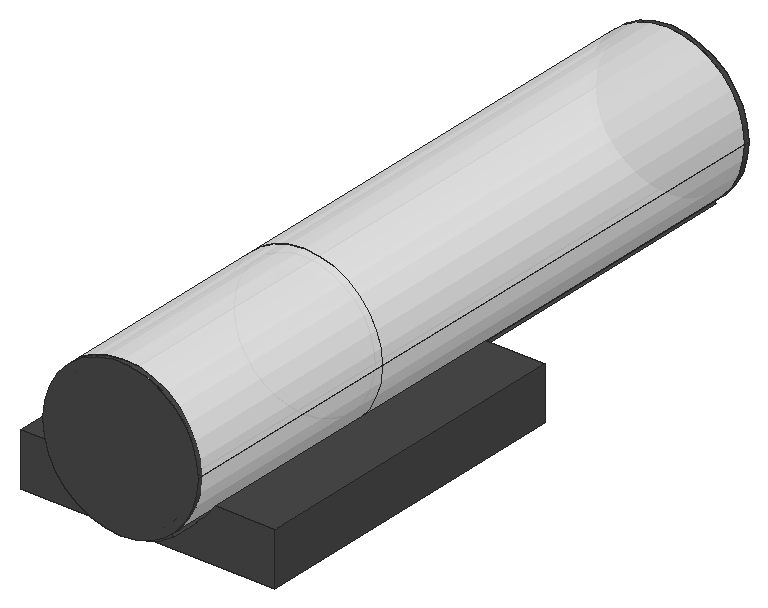
Revit family "3-5010-xx - Fugit (Wall Sconce)", category Lighting Fixtures, host Face, Revit 2017
Family settings
  Host = Face
  Round Connector Dimension = Use Diameter
  Part Type = Normal
  Cut with Voids When Loaded = No
  Light Source = Yes
  Shared = No
  Room Calculation Point = No
Parameters (values of type "3-5010-15 - Fugit")
  Wattage Comments = "10.7 W at 120 V"  # constant formula
  Wattage = 10.7 W
  built-in parameter 1150110 = 1 (stored number, unit not read)
  Voltage Input [instance] = "120 V or 277 V - 50/60 Hz"  # constant formula
  URL = "www.oxygenlighting.com"
  built-in parameter 1114217 = 1 (stored number, unit not read)
  Tilt Angle = 180.00°  # constant formula
  built-in parameter 1150109 = 1 (stored number, unit not read)
  built-in parameter 1150134 = (empty or 0)
  built-in parameter 1150113 = 1 (stored number, unit not read)
  References [instance] = "Ref. 3 = 120 V / Ref. 37 = 277 V"  # constant formula
  Photometric Web File = "3-5010 Fugit.ies"
  Other 2 = none
  Other 1 = none
  Model = "3-5010-XX - Fugit"  # constant formula
  Metal Finish = 15 - Black
  Manufacturer = "Oxygen - Lighting & Fans"  # constant formula
  Main Diffuser = Matte White Acrylic
  built-in parameter 1150105 = 54.835 (stored number, unit not read)
  Lumens = 689.08 lm
  built-in parameter 1150115 = 1 (stored number, unit not read)
  built-in parameter 1150137 = (empty or 0)
  built-in parameter 1150139 = (empty or 0)
  built-in parameter 1150112 = 1 (stored number, unit not read)
  built-in parameter 1150114 = 1 (stored number, unit not read)
  Lamp = "LED Array"  # constant formula
  built-in parameter 1150132 = (empty or 0)
  built-in parameter 1150102 = (empty or 0)
  built-in parameter 1150107 = 3000 (stored number, unit not read)
  built-in parameter 1150138 = (empty or 0)
  built-in parameter 1150106 = 0.54835 (stored number, unit not read)
  Emit from Line Length = 11.00"  # constant formula
  built-in parameter 1150104 = 5.983 (stored number, unit not read)
  Dimming Lamp Color Temperature Shift = <None>
  Default Elevation = 0.00"
  Color Filter = 16777215
  built-in parameter 1114218 = 1 (stored number, unit not read)
  built-in parameter 1150133 = 10 (stored number, unit not read)
  2nd Diffuser = none
Types (5): name | Metal Finish
  (no name) | 15 - Black
  3-5010-15 - Fugit | 15 - Black
  3-5010-20 - Fugit | 20 - Polished Nickel
  3-5010-24 - Fugit | 24 - Satin Nickel
  3-5010-40 - Fugit | 40 - Aged Brass
Reference planes (in)
  plane 1 "Center (Front/Back)": y = 0
  plane 2: z = 0
  plane 3 "Center (Left/Right)": x = 0
  plane 4 "M.C.": y = 0
  plane 5 "Light Source Height": y = 2.67
  plane 6 "Light Source Ext.": z = 1.68803
Dimensions and locks (in)
  aligned and locked: plane 2 to host face
  aligned and locked: level to host face
  aligned and locked: imposter light to plane 5 "Light Source Height"
  aligned and locked: plane 6 "Light Source Ext." to imposter light
  aligned and locked: plane 3 "Center (Left/Right)" to imposter light
Nested families (in)
  nested 1: "Fugit 5010" at (0, 0, 0), type "Fugit 5010"
Definition of nested family "Fugit 5010"
  Parameters (values of type "Fugit 5010")
    Others 2 = none
    Others 1 = none
    Metal Finish = none
    Main Diffuser = none
    2nd Diffuser = none
  Reference planes (in)
    plane 1 "Center (Front/Back)": y = 0
    plane 2: z = 0
    plane 3 "Center (Left/Right)": x = 0
    plane 4 "Very Bottom": y = -3.58
    plane 5: z = 1.68803
  Forms (in)
    Extrusion 1, solid, material <- "Metal Finish"
      sketch origin (0, 0, 0) x (1, 0, 0) y (0, 1, 0)
        loop
          line (-2.25, -2.99213) -> (2.25, -2.99213) -> (2.25, 2.99213) -> (-2.25, 2.99213) -> (-2.25, -2.99213)
      from 0 to 0.94
    Extrusion 2, void
      sketch origin (0, 0, 0) x (1, 0, 0) y (0, 0, 1)
        loop
          circle (0, 1.68803) r 1.41732
      from -8.09795 to 12
    Extrusion 3, solid, material <- "Main Diffuser"
      sketch origin (0, 0, 0) x (-1, 0, 0) y (0, 0, 1)
        loop
          circle (0, 1.68803) r 1.37795
        loop
          circle (0, 1.68803) r 1.24795
      from 0 to 8.5
    Extrusion 4, solid, material <- "Metal Finish"
      sketch origin (0, 0, 0) x (-1, 0, 0) y (0, 0, 1)
        loop
          line (-0.84833, 0.60217) -> (-0.8682, 0.56775)
          arc (-0.8682, 0.56775) -> (0, 0.27071) -> (0.8682, 0.56775) r 1.41732
          line (0.8682, 0.56775) -> (0.84833, 0.60217)
          arc (0.84833, 0.60217) -> (0, 0.31008) -> (-0.84833, 0.60217) r 1.37795
      from 0 to 8.5
    Extrusion 5, solid, material <- "Metal Finish"
      sketch origin (0, 0, 0) x (-1, 0, 0) y (0, 0, 1)
        loop
          circle (0, 1.68803) r 1.37795
      from 8.5 to 8.58
    Extrusion 6, solid, material <- "Main Diffuser"
      sketch origin (0, 0.49606, 0) x (-1, 0, 0) y (0, 0, -1)
        loop
          circle (0, -1.68803) r 1.37795
        loop
          circle (0, -1.68803) r 1.24795
      from 0 to 4
    Extrusion 7, solid, material <- "Metal Finish"
      sketch origin (0, 0, 0) x (-1, 0, 0) y (0, 0, -1)
        loop
          arc (-0.84833, -0.60217) -> (0, -0.31008) -> (0.84833, -0.60217) r 1.37795
          line (0.84833, -0.60217) -> (0.8682, -0.56775)
          arc (0.8682, -0.56775) -> (0, -0.27071) -> (-0.8682, -0.56775) r 1.41732
          line (-0.8682, -0.56775) -> (-0.84833, -0.60217)
      from 0 to 3.50394
    Extrusion 8, solid, material <- "Metal Finish"
      sketch origin (0, 0, 0) x (-1, 0, 0) y (0, 0, -1)
        loop
          circle (0, -1.68803) r 1.37795
      from 3.50394 to 3.58
  Cuts and joins
    Extrusion 2 cuts Extrusion 1
    joined: Extrusion 3, Extrusion 6
    joined: Extrusion 4, Extrusion 7
  Lines and regions (in)
    model lines
      curve 1: line (-4, 0, 0) -> (4, 0, 0)
      curve 2: line (0, -4, 0) -> (0, 4, 0)
    symbolic lines
      curve 3: circle (0, 0, 0) r 2 normal (0, 0, 1)
    model lines, not visible
      curve 4: line (-13.0722, 21.77075, 0) -> (-5.0722, 21.77075, 0)
      curve 5: line (-9.0722, 17.77075, 0) -> (-9.0722, 25.77075, 0)
    symbolic lines, not visible
      curve 6: circle (-9.0722, 21.77075, 0) r 2 normal (0, 0, 1)
  Text (in)
    text "M.C." at (0.88973, 1.62995, 0), in view "Ref. Level"
    text "M.C." at (-8.18247, 23.4007, 0), in view "Ref. Level", not visible
  Dimensions and locks (in)
    aligned and locked: plane 2 to level
